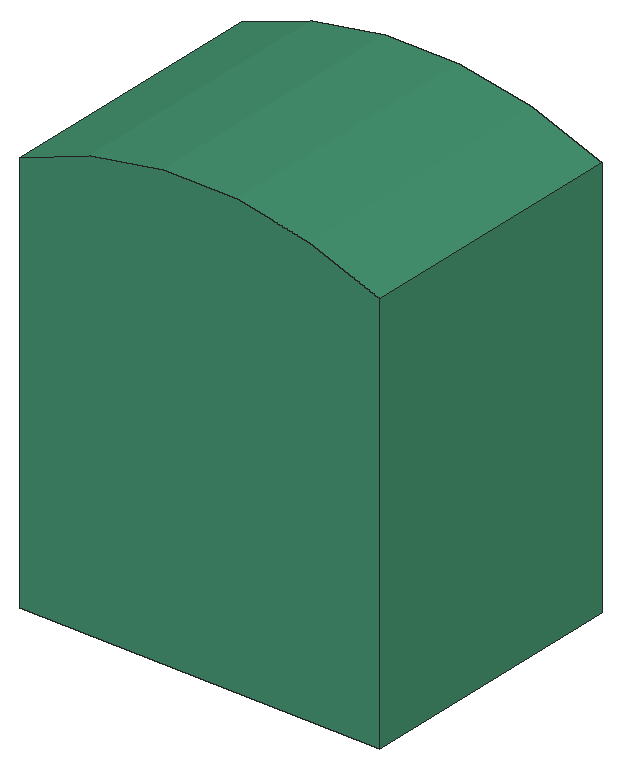
Revit family "Oberteil Kombiableiter mit Funktionsanzeige", category Generic Models, Revit 2015
Parameters (values of type "MCD 50-B 0-OS")
  Width 1 = 44.9 mm
  URL = "http://www.obo-bettermann.com"
  Material 2 = PA6 GF20 FR HF RAL 6029
  Manufacturer Art.No. = "5096827"
  Manufacturer = "OBO Bettermann"
  Length = 35 mm
  Height = 56 mm
  GTIN = "4012195051473"
  Article Type = "MCD 50-B 0-OS"
Reference planes
  plane 1 "Center (Front/Back)": y = 0
  plane 2: z = 0
  plane 3 "Center (Left/Right)": x = 0
  plane 4: y = 35
  plane 5: z = 56
  plane 6: z = 50.88
Forms (mm)
  Extrusion 1, solid, material "PA6 GF20 FR HF RAL 6029" <- "Material 2"
    sketch origin (0, 0, 0) x (1, 0, 0) y (0, 0, 1)
      loop
        line (-22.7, 50.88) -> (-22.7, 0) -> (22.7, 0) -> (22.7, 50.88)
        arc (22.7, 50.88) -> (0, 56) -> (-22.7, 50.88) r 52.881
    from -35 to 0
Dimensions and locks
  "Length": plane 1 "Center (Front/Back)" to plane 4
  "Height": plane 5 to level
  plane 5 to plane 6 = 5.12 mm
  locked: Extrusion 1 to Extrusion 1 at 45.4
  equal spacing: Extrusion 1, plane 3 "Center (Left/Right)", Extrusion 1, locked at 22.7 each
  radius of Extrusion 1 sketch curve = 52.881 mm
  aligned and locked: level to plane 2
  aligned and locked: plane 6 to Extrusion 1 sketch curve  (x2)
  aligned and locked: plane 1 "Center (Front/Back)" to Extrusion 1
  aligned and locked: Extrusion 1 to level
Automatic sketch dimensions
  Extrusion 1 sketch curve to level = 0 mm
  Extrusion 1 sketch curve to plane 3 "Center (Left/Right)" = 0 mm
  Extrusion 1 sketch curve to plane 3 "Center (Left/Right)" = 22.7 mm
